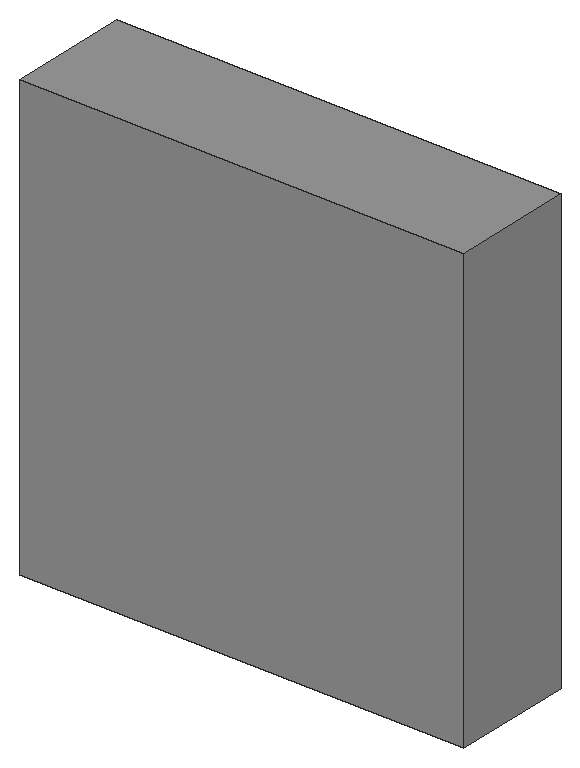
Revit family "KG_Hoeranlage_V1700", category Kommunikationsgeräte, Revit 2017
Family settings
  Beschriftungsausrichtung beibehalten = Nein
  Bemaßung runder Anschluss = Durchmesser verwenden
  Teiletyp = Normal
  OmniClass-Nummer = 23.85.10.00
  OmniClass-Titel = General Information Systems
  Arbeitsebenenbasiert = Nein
  Immer vertikal = Ja
  Beim Laden mit Abzugskörper schneiden = Ja
  Gemeinsam genutzt = Nein
  Raumberechnungspunkt = Nein
Parameters (values of type "Hoeranlage")
  pbr_Material_KZ = ""
  pbr_Material = none
  pbr_E_Typ = ""
  pbr_E_KZ = ""
  pbr_DINBild = 0
  pbr_Bild = 0
  pbr_3Dx_Delta_Korrekturversatz [instance] = 0 mm
  pbr_3DX_Versatzfaktor [instance] = 0
  pbr_2DY_Versatzfaktor [instance] = 0
  pbr_2DX_Versatzfaktor [instance] = 0
  lfd_STRK [instance] = 0
  cpiFitMatchKey [instance] = "E-ZK VS I"
  Zentrale [instance] = ""
  Typ [instance] = ""
  Tiefe = 37 mm
  Text3 [instance] = ""
  Text2 [instance] = ""
  Text1 [instance] = ""
  Planungsbüro Rohling = "www.pbr.de"
  Netzart = ""
  Menge(Dosenzahl) [instance] = 0
  Länge = 135 mm
  Linie/Anschluss [instance] = ""
  Linie [instance] = ""
  Lastklassifizierung = none
  Installationsart [instance] = ""
  Info [instance] = ""
  Höranlage = yes
  Gewerk [instance] = "ELA"
  Eckversatz [instance] = 0 mm
  YFrontversatz [instance] = if(pbr_2DY_Versatzfaktor = 300, 0 mm, pbr_2DY_Versatzfaktor * 300 mm)  # 0 mm
  XSeitenversatz [instance] = if(pbr_2DX_Versatzfaktor = 0, 3000 mm, 3000 mm + (pbr_2DX_Versatzfaktor * 300 mm)) + Eckversatz  # 3000 mm
  X3Dversatz [instance] = if([3DX_Versatzkontrolle] = 0, 2000 mm, 2000 mm + ([3DX_Versatzkontrolle] * (300 mm - Breite))) + pbr_3Dx_Delta_Korrekturversatz  # 2000 mm
  Niveau [instance] = 1200 mm
  Bus [instance] = ""
  Breite = 135 mm
  Betriebsstrom ruhe [instance] = 0
  Betriebsstrom max [instance] = 0
  3DX_Versatzkontrolle [instance] = if(pbr_3DX_Versatzfaktor = 0, (pbr_2DX_Versatzfaktor * -1), (((-1 * pbr_3DX_Versatzfaktor) + pbr_2DX_Versatzfaktor) * -1))  # 0
  3DX_Versatz [instance] = 0 mm
Reference planes
  plane 1 "Mitte (Vorne/Hinten)": y = 0
  plane 2: z = 0
  plane 3 "Mitte (Links/Rechts)": x = 22.5
  plane 4: x = -127.5
  plane 5: x = 172.5
  plane 6: y = 300
  plane 7 "Schalterhinten": y = 0
  plane 8: x = -2977.5
  plane 9: x = 22.5
  plane 10: x = -1977.5
  plane 11: x = -45
  plane 12: x = 90
  plane 13: z = 1267.5
  plane 14: z = 1132.5
  plane 15 "SchalterVorne": y = 37
  plane 16 "3DMitte": x = 22.5
  plane 17 "Achse": z = 1200
  plane 18: z = 1225
  plane 19: z = 1175
  plane 20 "2DMitte": y = 150
Forms (mm)
  Extrusion 1, solid, material "Stahl, weich, geschweißt"
    sketch origin (0, 20, 0) x (0, 0, 1) y (-1, 0, 0)
      loop
        line (1132.5, 45) -> (1132.5, -90) -> (1267.5, -90) -> (1267.5, 45) -> (1132.5, 45)
    from -17 to 20
Dimensions and locks
  locked: plane 6 to plane 7 "Schalterhinten" at 300
  "XSeitenversatz": plane 8 to plane 9
  plane 8 to plane 3 "Mitte (Links/Rechts)" = 3000 mm
  "YFrontversatz": plane 1 "Mitte (Vorne/Hinten)" to plane 7 "Schalterhinten"
  "Breite": plane 12 to plane 11
  "Länge": plane 13 to plane 14
  plane 9 to plane 10 = 2000 mm
  equal spacing: plane 12, plane 16 "3DMitte", plane 11
  "X3Dversatz": plane 16 "3DMitte" to plane 10
  equal spacing: plane 13, plane 17 "Achse", plane 14
  "Niveau": plane 17 "Achse" to level
  "Tiefe": plane 15 "SchalterVorne" to plane 1 "Mitte (Vorne/Hinten)"
  plane 13 to plane 18 = 42.5 mm
  plane 19 to plane 14 = 42.5 mm
  equal spacing: plane 4, plane 9, plane 5, locked at 150 each
  locked: plane 4 to plane 5 at 300
  equal spacing: plane 6, plane 20 "2DMitte", plane 7 "Schalterhinten", locked at 150 each
  aligned and locked: level to plane 2
  aligned and locked: Extrusion 1 sketch curve to plane 14
  aligned and locked: Extrusion 1 sketch curve to plane 11
  aligned and locked: Extrusion 1 sketch curve to plane 13
  aligned and locked: plane 12 to Extrusion 1 sketch curve
  aligned and locked: plane 1 "Mitte (Vorne/Hinten)" to Extrusion 1
  aligned and locked: Extrusion 1 to plane 15 "SchalterVorne"
  aligned and locked: nested 1 to plane 9
  aligned and locked: nested 1 to plane 7 "Schalterhinten"
Nested families
  nested 1: "Höranlage mit Induktionsschleife" at (22.5, 0, 0), visible <- "Höranlage", type "Höranlage mit Induktionsschleife"
    with Winkel 90.00°
Connectors
  electrical at (22.5, 0, 1200)
    settings: on Extrusion 1, index 1, voltage 0 V, apparent load 0 VA, apparent load phase1 0 VA, apparent load phase2 0 VA, apparent load phase3 0 VA, power factor 1, load classification "Sonstige", number of poles 1, system type 14, power factor state 1, is connector primary yes, connector utility no, sub classification motor no, connector description ""
Definition of nested family "Höranlage mit Induktionsschleife"
  Parameters (values of type "Höranlage mit Induktionsschleife")
    Winkel [instance] = 90.00°
    R = yes
    O = yes
    H = yes
  Reference planes
    plane 1 "Mitte (Vorne/Hinten)": y = 0
    plane 2: z = 0
    plane 3 "Mitte (Links/Rechts)": x = 0
  Lines and regions (mm)
    Filled region 1, type "Beton", in view "Referenzebene"
      outline origin (-9.882, 28.121, 0) x (1, 0, 0) y (0, 1, 0)
        loop
          line (-39.058, 244.181) -> (-39.058, 224.181) -> (-19.058, 224.181) -> (-19.058, 244.181) -> (-39.058, 244.181)
        loop
          line (17.918, 244.181) -> (17.918, 224.181) -> (38.135, 224.181) -> (38.135, 244.181) -> (17.918, 244.181)
    Filled region 2, type "Beton", in view "Referenzebene", visible <- "H"
      outline origin (655.811, -886.506, 0) x (1, 0, 0) y (0, 1, 0)
        loop
          line (-898.917, 942.626) -> (-875.554, 942.626) -> (-875.554, 1026.379) -> (-783.241, 1026.379) -> (-783.241, 942.626) -> (-759.837, 942.626) -> (-759.837, 1120.011) -> (-783.294, 1120.011) -> (-783.294, 1047.239) -> (-875.554, 1047.239) -> (-875.554, 1120.011) -> (-898.917, 1120.011) -> (-898.917, 942.626)
    Filled region 3, type "Beton", in view "Referenzebene", visible <- "O"
      outline origin (-231.596, -883.063, 0) x (1, 0, 0) y (0, 1, 0)
        loop
          spline (223.621, 938.736) -> (245.62, 941.872) -> (266.121, 951.065) -> (283.725, 965.69) -> (297.233, 984.749) -> (305.724, 1006.944) -> (308.621, 1030.762) -> (305.724, 1054.579) -> (297.233, 1076.774) -> (283.725, 1095.833) -> (266.121, 1110.458) -> (245.62, 1119.651) -> (223.621, 1122.787)
          spline (223.621, 1122.787) -> (201.621, 1119.651) -> (181.121, 1110.458) -> (163.516, 1095.833) -> (150.008, 1076.774) -> (141.517, 1054.579) -> (138.621, 1030.762) -> (141.517, 1006.944) -> (150.008, 984.749) -> (163.516, 965.69) -> (181.121, 951.065) -> (201.621, 941.872) -> (223.621, 938.736)
        loop
          spline (223.269, 959.456) -> (239.434, 961.909) -> (254.498, 969.099) -> (267.434, 980.538) -> (277.36, 995.446) -> (283.6, 1012.806) -> (285.728, 1031.435) -> (283.6, 1050.065) -> (277.36, 1067.425) -> (267.434, 1082.332) -> (254.498, 1093.771) -> (239.434, 1100.962) -> (223.269, 1103.415)
          spline (223.269, 1103.415) -> (207.103, 1100.962) -> (192.039, 1093.771) -> (179.104, 1082.332) -> (169.178, 1067.425) -> (162.938, 1050.065) -> (160.81, 1031.435) -> (162.938, 1012.806) -> (169.178, 995.446) -> (179.104, 980.538) -> (192.039, 969.099) -> (207.103, 961.909) -> (223.269, 959.456)
    Filled region 4, type "Beton", in view "Referenzebene", visible <- "R"
      outline origin (-605.45, -886.506, 0) x (1, 0, 0) y (0, 1, 0)
        loop
          line (713.794, 1100.728) -> (713.794, 1041.738) -> (778.794, 1041.738)
          arc (778.794, 1041.738) -> (808.289, 1071.233) -> (778.794, 1100.728) r 29.495
          line (778.794, 1100.728) -> (713.794, 1100.728)
        loop
          line (690.435, 1120.011) -> (690.435, 942.626) -> (713.812, 942.626) -> (713.812, 1021.355) -> (743.347, 1021.355)
          spline (743.347, 1021.355) -> (751.614, 1020.86) -> (756.113, 1019.813) -> (759.33, 1018.707) -> (762.096, 1017.398) -> (764.706, 1015.734) -> (767.134, 1013.913) -> (769.382, 1012.01) -> (771.552, 1009.882) -> (773.807, 1007.385) -> (776.374, 1004.38) -> (779.743, 1000.215) -> (784.766, 993.509)
          line (784.766, 993.509) -> (816.561, 942.626) -> (846.561, 942.626) -> (821.191, 983.227)
          spline (821.191, 983.227) -> (816.586, 989.79) -> (812.548, 995.47) -> (808.977, 1000.333) -> (805.775, 1004.443) -> (802.869, 1007.863) -> (800.322, 1010.622) -> (798.247, 1012.742) -> (796.706, 1014.271) -> (795.338, 1015.488) -> (793.55, 1016.814) -> (790.594, 1018.833) -> (782.879, 1023.344)
          arc (782.879, 1023.344) -> (831.213, 1071.678) -> (782.879, 1120.011) r 48.334
          line (782.879, 1120.011) -> (690.435, 1120.011)
    detail lines, in view "Referenzebene"
      curve 1: line (-261.054, 286.526, 0) -> (260.13, 286.526, 0)
      curve 2: line (260.13, 286.526, 0) -> (260.13, -1.474, 0)
      curve 3: line (260.13, -1.474, 0) -> (-261.054, -1.474, 0)
      curve 4: line (-261.054, -1.474, 0) -> (-261.054, 286.526, 0)
      curve 5: line (-248.592, 14.011, 0) -> (246.408, 14.011, 0)
      curve 6: line (-248.592, 269.011, 0) -> (-248.592, 14.011, 0)
      curve 7: line (246.408, 269.011, 0) -> (-248.592, 269.011, 0)
      curve 8: line (246.408, 14.011, 0) -> (246.408, 269.011, 0)
  Dimensions and locks
    curve 4 to plane 3 "Mitte (Links/Rechts)" to curve 2 = 261.054 mm, 260.13 mm
